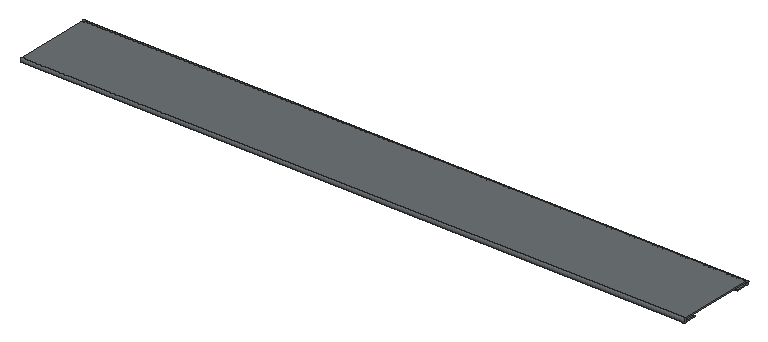
Revit family "BIMLIB_ПланкаСтыковочная_GRANDLINE", category Обобщенные модели, Revit 2017
Family settings
  Может служить основой для арматурных стержней = Нет
  Размер круглого соединителя = Использовать диаметр
  Тип детали = Нормальный
  При загрузке вырезать с полостями = Нет
  Общий = Нет
  Точка расчета площади = Нет
Parameters (values of type "Планка стыковочная")
  Смещение от плоскости [instance] = 0 mm
  Описание = ADSK_Наименование  # "Планка стыковочная"
  Изготовитель = "Grand Line"  # constant formula
  built-in parameter 1001306 [instance] = 500 mm
  Watermark [instance] = "Модели защищены уникальным кодом"
  URL = "https://www.grandline.ru"
  BL_Разработано = "support@bimlib.pro"
  BL_Email = "info@grandline.ru"
  BL_BIM library = "https://bimlib.pro/manufacturer/company/22430"
  ADSK_Размер_Длина [instance] = [built-in parameter 1001306]  # 500 mm
  ADSK_Обозначение = "ГОСТ 19904-90, ГОСТ 14918-80"
  ADSK_Наименование = "Планка стыковочная"
  ADSK_Материал тип подсчета = 1  # constant formula
  ADSK_Материал = GL_Drap_RAL7016
  ADSK_Масса_Текст [instance] = ""
  ADSK_Масса [instance] = 0
  ADSK_Марка = ""
  ADSK_Количество [instance] = if(ADSK_Материал тип подсчета = 0, 1, if(ADSK_Материал тип подсчета = 1, ADSK_Размер_Длина / 1000 mm, 0))  # 0.5
  ADSK_Код изделия = "M011.050"  # constant formula
  ADSK_Завод-изготовитель = "Grand Line"  # constant formula
  ADSK_Единица измерения = "м"  # constant formula
  ADSK_Группирование = "Доборные элементы"  # constant formula
  ADSK_Версия Revit = "2017"  # constant formula
  ADSK_URL страницы изделия = "https://www.grandline.ru/planka-stykovochnaya-0-45-pe-foil-ral-8017-14553.html"
  ADSK_URL документации изделия = "https://www.grandline.ru/uploads/files/chertezhi_vse/dobornye_elementy/de_saiyding_fasad/Planka_stykovochnaia.jpg"
Reference planes
  plane 1 "По центру (Вперед/Назад)": y = 0
  plane 2: z = 0
  plane 3 "Слева": x = 0
  plane 4 "Справа": x = 500
Forms (mm)
  Sweep 1, solid, material "GL_Drap_RAL7016" <- "ADSK_Материал"
    path in 3D
      loop
        line (0, 0, 0) -> (500, 0, 0)
    profile "Профиль_ПланкаСтыковочная : Профиль" origin (250, 0, 0) x (0, 1, 0) y (0, 0, 1)
      loop
        arc (-28.5, 3) -> (-30, 1.5) -> (-28.5, 0) r 1.5
        line (-28.5, 0) -> (-20, 0) -> (-20, 0.8) -> (-28.5, 0.8)
        arc (-28.5, 0.8) -> (-29.2, 1.5) -> (-28.5, 2.2) r 0.7
        line (-28.5, 2.2) -> (28.5, 2.2)
        arc (28.5, 2.2) -> (29.2, 1.5) -> (28.5, 0.8) r 0.7
        line (28.5, 0.8) -> (20, 0.8) -> (20, 0) -> (28.5, 0)
        arc (28.5, 0) -> (30, 1.5) -> (28.5, 3) r 1.5
        line (28.5, 3) -> (-28.5, 3)
Lines and regions (mm)
  reference lines
    curve 1: line (0, 0, 0) -> (500, 0, 0)
  sketch lines
    curve 2: line (0, 0, 0) -> (500, 0, 0)
Dimensions and locks
  "built-in parameter 1001306": plane 3 "Слева" to plane 4 "Справа"
  aligned and locked: plane 4 "Справа" to curve 1
  aligned and locked: plane 1 "По центру (Вперед/Назад)" to curve 1
  aligned and locked: plane 3 "Слева" to curve 1
  aligned and locked: level to plane 2
